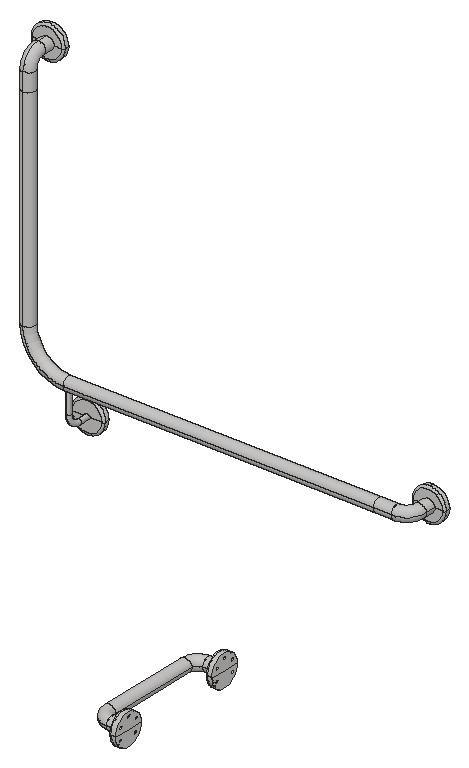
Revit family "RBA4090-301", category Plumbing Fixtures, Revit 2021
Family settings
  Round Connector Dimension = Use Diameter
  Part Type = Normal
  Work Plane-Based = No
  Always vertical = No
  Cut with Voids When Loaded = No
  Shared = No
  Room Calculation Point = No
Parameters (values of type "RBA4090-301")
  Watermarked By = "www.rba.com.au"
  URL = "http://www.rba.com.au/accessible-disabled/grab-rails"
  Phone Number = "1300 788 778"
  OFFSET = 800.00 mm
  Modified Issue = "20190806.01"
  Model = "RBA4090-301"
  Materials and Finishes = Stainless Steel, Satin Finish
  Manufacturer Model = ""
  Manufacturer = "RBA Group"
  Distance Away from Wall [instance] = 100.00 mm
  Distance Away from Toilet [instance] = 1090.00 mm
  Description = "90° WC Grab Rail Set - Right Hand, 300 Straight"
  Default Elevation = 0.00 mm
  Copyrighted by = "RBA Group"  # constant formula
  Assembly Code = ""
Reference planes
  plane 1 "Center (Front/Back)": y = 0
  plane 2: z = 0
  plane 3: x = 40.5
  plane 4: z = 800
  plane 5: x = 1090.5
  plane 6: x = 990.5
  plane 7: x = 140.5
  plane 8: z = 700
  plane 9: z = 1500
  plane 10: y = -89
  plane 11: y = -57
  plane 12: y = -1074
  plane 13: y = -1090
  plane 14: x = 1033.5
  plane 15: x = 1001.5
  plane 16: z = 816
  plane 17: x = 56.5
Dimensions and locks
  "OFFSET": plane 4 to plane 2
  plane 11 to plane 1 "Center (Front/Back)" = 57.00 mm
  plane 10 to plane 1 "Center (Front/Back)" = 89.00 mm
  "Distance Away from Wall": plane 6 to plane 5
  locked: plane 12 to plane 13 at 16
  "Distance Away from Toilet": plane 13 to plane 1 "Center (Front/Back)"
  aligned and locked: plane 3 to nested 1
  aligned and locked: plane 4 to nested 1
  aligned and locked: nested 2 to plane 5
  aligned and locked: plane 12 to nested 2
  aligned and locked: plane 4 to nested 2
Nested families
  nested 1: "RBA4090-911" at (950, 0, 800), type "RBA4090-911"
  nested 2: "RBA4000-000" at (1090.5, -2152, 800) x (0, 1, 0) z (0, 0, -1), type "RBA4000-030"
Definition of nested family "RBA4090-911"
  Parameters (values of type "RBA4090-911")
    Watermarked By = "www.rba.com.au"
    URL = "http://www.rba.com.au/accessible-disabled/grab-rails"
    R_Void [instance] = 15.00 mm
    R [instance] = 0.00 mm
    Phone Number = "1300 788 778"
    Model = "RBA4090-911"
    Manufacturer Model = "B819435"
    Manufacturer = "Bobrick"
    Description = "90° Angled Grab Rail"
    Default Elevation = 0.00 mm
    Copyrighted by = "RBA Group"  # constant formula
    BAR = none
    Assembly Code = ""
  Reference planes
    plane 1 "Center (Front/Back)": y = 0
    plane 2: z = 0
    plane 3: x = 40.5
    plane 4: z = 670
    plane 5: z = 730
    plane 6: x = -879.5
    plane 7: x = -939.5
    plane 8: z = 700
    plane 9: z = -100
    plane 10: x = 40.5
    plane 11: z = 670
    plane 12: z = 730
    plane 13: x = -939.5
    plane 14: x = -879.5
    plane 15: z = -130
    plane 16: z = -70
    plane 17: x = -839.5
    plane 18: x = -779.5
    plane 19: z = -100
    plane 20: x = -909.5
    plane 21: x = -809.5
    plane 22: z = 700
    plane 23: z = -30
    plane 24: z = 30
    plane 25: x = 70.5
    plane 26: x = 10.5
    plane 27: z = -30
    plane 28: z = 30
    plane 29: x = 10.5
    plane 30: x = 70.5
    plane 31: z = 16
    plane 32: x = -893.5
  Forms (mm)
    Extrusion 1, solid
      sketch origin (-909.5, -2.628, 1015.907) x (0, 0, -1) y (-1, 0, 0)
        loop
          circle (315.907, 0) r 40
      from -0.219 to 2.628
    Revolve 2, solid
      sketch origin (40.5, 18.663, 0) x (0, -1, 0) y (1, 0, 0)
        loop
          line (18.663, 0) -> (18.663, -41.5) -> (27.844, -41.5)
          arc (27.844, -41.5) -> (31.337, -40.077) -> (32.842, -36.617) r 5
          line (32.842, -36.617) -> (33.701, 0) -> (18.663, 0)
        axis (18.663, 0) -> (33.701, 0)
      angle from 0 to 360
    Extrusion 3, void
      sketch origin (-909.5, 34.941, 1015.907) x (0, 0, -1) y (-1, 0, 0)
        loop
          circle (315.907, -30) r 5
        loop
          circle (315.907, 30) r 5
      from -37.788 to -30
    Extrusion 4, solid
      sketch origin (-909.5, -2.628, 1015.907) x (0, 0, -1) y (-1, 0, 0)
        loop
          circle (315.907, 0) r 40
      from -0.219 to 2.628
    Extrusion 5, void
      sketch origin (-909.5, 34.941, 1015.907) x (0, 0, -1) y (-1, 0, 0)
        loop
          circle (315.907, 30) r 5
        loop
          circle (315.907, -30) r 5
      from -37.788 to -30
    Sweep 6, solid
      path origin (40.5, 9.454, 0) x (0, -1, 0) y (1, 0, 0)
        loop
          line (12.302, 0) -> (50.454, 0)
          arc (50.454, 0) -> (73.082, -9.373) -> (82.454, -32) r 32
          line (82.454, -32) -> (82.454, -76)
      profile origin (40.5, -21.924, 0) x (1, 0, 0) y (0, 0, 1)
        loop
          circle (0, 0) r 16
    Extrusion 7, solid
      sketch origin (-909.5, -2.628, 1015.907) x (0, 0, -1) y (-1, 0, 0)
        loop
          circle (315.907, 0) r 40
      from -0.219 to 2.628
    Sweep 8, solid
      path origin (-1609.5, 9.454, 700) x (0, -1, 0) y (0, 0, -1)
        loop
          line (12.302, 0) -> (50.454, 0)
          arc (50.454, 0) -> (73.082, 9.373) -> (82.454, 32) r 32
          line (82.454, 32) -> (82.454, 76)
      profile origin (-1609.5, -21.924, 700) x (0, 0, -1) y (1, 0, 0)
        loop
          circle (0, 700) r 16
    Revolve 9, solid
      sketch origin (-909.5, 18.663, 700) x (0, -1, 0) y (1, 0, 0)
        loop
          line (18.663, 0) -> (18.663, -41.5) -> (27.844, -41.5)
          arc (27.844, -41.5) -> (31.337, -40.077) -> (32.842, -36.617) r 5
          line (32.842, -36.617) -> (33.701, 0) -> (18.663, 0)
        axis (18.663, 0) -> (33.701, 0)
      angle from 0 to 360
    Sweep 10, solid
      path origin (81, 0, 0) x (-1, 0, 0) y (0, 0, 1)
        loop
          line (116.5, 0) -> (890.5, 0)
          arc (890.5, 0) -> (961.211, 29.289) -> (990.5, 100) r 100
          line (990.5, 100) -> (990.5, 624)
      profile origin (-422.5, 0, 0) x (0, 0, -1) y (0, -1, 0)
        loop
          circle (0, 73) r 16
    Extrusion 11, solid
      sketch origin (-809.5, -2.628, 215.907) x (0, 0, -1) y (-1, 0, 0)
        loop
          circle (315.907, 0) r 40
      from -0.219 to 2.628
    Revolve 12, solid
      sketch origin (-809.5, 18.663, -100) x (0, -1, 0) y (1, 0, 0)
        loop
          line (18.663, 0) -> (33.701, 0) -> (32.842, 36.617)
          arc (32.842, 36.617) -> (31.337, 40.077) -> (27.844, 41.5) r 5
          line (27.844, 41.5) -> (18.663, 41.5) -> (18.663, 0)
        axis (18.663, 0) -> (33.701, 0)
      angle from 0 to 360
    Sweep 13, solid
      path origin (-809.5, 9.454, -100) x (0, -1, 0) y (0, 0, 1)
        loop
          line (12.302, 0) -> (50.454, 0)
          arc (50.454, 0) -> (73.082, 9.373) -> (82.454, 32) r 32
          line (82.454, 32) -> (82.454, 100)
      profile origin (-809.5, -21.924, -100) x (0, 0, 1) y (-1, 0, 0)
        loop
          circle (0, 0) r 6
    Extrusion 14, void
      sketch origin (-809.5, 34.941, 215.907) x (0, 0, -1) y (-1, 0, 0)
        loop
          circle (315.907, 30) r 5
        loop
          circle (315.907, -30) r 5
      from -37.788 to -30
    Extrusion 15, solid
      sketch origin (40.5, -2.628, 315.907) x (0, 0, -1) y (-1, 0, 0)
        loop
          circle (315.907, 0) r 40
      from -0.219 to 2.628
    Extrusion 16, void
      sketch origin (40.5, 34.941, 315.907) x (0, 0, -1) y (-1, 0, 0)
        loop
          circle (315.907, -30) r 5
        loop
          circle (315.907, 30) r 5
      from -37.788 to -34.941
    Extrusion 17, solid
      sketch origin (40.5, -2.628, 315.907) x (0, 0, -1) y (-1, 0, 0)
        loop
          circle (315.907, 0) r 40
      from -0.219 to 2.628
    Extrusion 18, void
      sketch origin (40.5, 34.941, 315.907) x (0, 0, -1) y (-1, 0, 0)
        loop
          circle (315.907, 30) r 5
        loop
          circle (315.907, -30) r 5
      from -37.788 to -34.941
    Extrusion 19, solid
      sketch origin (40.5, -2.628, 315.907) x (0, 0, -1) y (-1, 0, 0)
        loop
          circle (315.907, 0) r 40
      from -0.219 to 2.628
  Cuts and joins
    Extrusion 3, Extrusion 5, Extrusion 16, Extrusion 18 cuts Extrusion 1
    Extrusion 5, Extrusion 16, Extrusion 18 cuts Extrusion 4
    Extrusion 3, Extrusion 5, Extrusion 18 cuts Revolve 2
    Extrusion 5, Extrusion 16 cuts Revolve 9
    Extrusion 14 cuts Revolve 12
    joined: Revolve 2, Sweep 6, Sweep 8, Revolve 9, Sweep 10, Revolve 12, Sweep 13
    Extrusion 14 cuts Extrusion 11
    Extrusion 5, Extrusion 16 cuts Extrusion 7
    Extrusion 16 cuts Extrusion 15
    Extrusion 16 cuts Extrusion 17
    Extrusion 16, Extrusion 18 cuts Extrusion 19
  Dimensions and locks
    Revolve 2 sketch curve to Revolve 2 sketch curve = 41.50 mm
    plane 5 to plane 4 to level = 60.00 mm, 670.00 mm
    plane 7 to plane 6 = 60.00 mm
    plane 12 to plane 11 = 60.00 mm
    plane 13 to plane 14 = 60.00 mm
    Revolve 9 sketch curve to Revolve 9 sketch curve = 41.50 mm
    Revolve 12 sketch curve to Revolve 12 sketch curve = 41.50 mm
    plane 16 to plane 15 = 60.00 mm
    plane 17 to plane 18 = 60.00 mm
    plane 22 to plane 2 = 700.00 mm
    plane 10 to plane 20 = 950.00 mm
    plane 21 to plane 20 = 100.00 mm
    plane 2 to plane 19 = 100.00 mm
    plane 24 to plane 23 = 60.00 mm
    plane 26 to plane 25 = 60.00 mm
    plane 28 to plane 27 = 60.00 mm
    plane 29 to plane 30 = 60.00 mm
    radius of Extrusion 1 sketch curve = 40.00 mm
    radius of Extrusion 4 sketch curve = 40.00 mm
    radius of Sweep 6 sketch curve = 16.00 mm
    radius of Extrusion 7 sketch curve = 40.00 mm
    radius of Sweep 8 sketch curve = 16.00 mm
    radius of Extrusion 11 sketch curve = 40.00 mm
    radius of Sweep 13 sketch curve = 6.00 mm
    radius of Extrusion 15 sketch curve = 40.00 mm
    radius of Extrusion 17 sketch curve = 40.00 mm
    radius of Extrusion 19 sketch curve = 40.00 mm
    aligned and locked: Extrusion 1 to Revolve 2
    aligned and locked: Revolve 12 to Extrusion 11
Definition of nested family "RBA4000-000"
  Parameters (values of type "RBA4000-030")
    Watermarked By = "www.rba.com.au"
    URL = "http://www.rba.com.au/accessible-disabled/grab-rails"
    Length of Rail = 300.00 mm
    Phone Number = "1300 788 778"
    Model = "RBA4110-923"
    Manufacturer = "RBA GROUP"
    Description = "90deg Angled Shower Grab Rail"
    Default Elevation = 1219.20 mm
    Copyrighted By = "RBA Group"  # constant formula
    BAR = none
    Assembly Code = ""
  Reference planes
    plane 1 "Center (Front/Back)": y = 0
    plane 2: x = 1078
    plane 3: x = 1378
    plane 4: z = 0
    plane 5: through (1334.776, 25.441, -51.059) normal (-0.515, 0, 0.8572)
    plane 6: through (1450.22, 25.441, 99.629) normal (0.8572, 0, 0.515)
    plane 7: through (1403.075, 25.441, 71.301) normal (0.8572, 0, 0.515)
    plane 8: y = -89
    plane 9: y = -57
  Forms (mm)
    Sweep 1, solid
      path origin (1651.954, -750, 0) x (-1, 0, 0) y (0, -1, 0)
        loop
          line (573.954, -740) -> (573.954, -709)
          arc (573.954, -709) -> (564.582, -686.373) -> (541.954, -677) r 32
          line (541.954, -677) -> (305.954, -677)
          arc (305.954, -677) -> (283.327, -686.373) -> (273.954, -709) r 32
          line (273.954, -709) -> (273.954, -740)
      profile origin (1228, -73, 0) x (0, 1, 0) y (0, 0, 1)
        loop
          circle (0, 0) r 16
    Extrusion 2, solid
      sketch origin (640.5, -2.628, 315.907) x (0, 0, -1) y (-1, 0, 0)
        loop
          circle (315.907, -437.5) r 37.5
      from -7.372 to 2.628
    Extrusion 3, void
      sketch origin (215.296, 34.941, 270.785) x (0.515038, 0, -0.857167) y (-0.857167, 0, -0.515038)
        loop
          circle (674.422, -627.443) r 5
        loop
          circle (676.434, -572.517) r 5
      from -46.533 to -34.941
    Extrusion 4, solid
      sketch origin (1315.5, -2.628, 315.907) x (0, 0, -1) y (-1, 0, 0)
        loop
          circle (315.907, -62.5) r 37.5
      from -7.372 to 2.628
    Revolve 5, solid
      sketch origin (1315.5, 18.663, 0) x (0, -1, 0) y (1, 0, 0)
        loop
          line (18.663, 62.5) -> (36.046, 62.5) -> (35.246, 96.617)
          arc (35.246, 96.617) -> (33.742, 100.077) -> (30.248, 101.5) r 5
          line (30.248, 101.5) -> (18.663, 101.5) -> (18.663, 62.5)
        axis (18.663, 62.5) -> (36.046, 62.5)
      angle from 0 to 360
    Extrusion 6, void
      sketch origin (1315.296, 34.941, 270.785) x (0.515038, 0, -0.857167) y (-0.857167, 0, -0.515038)
        loop
          circle (264.403, 58.217) r 5
        loop
          circle (264.403, 113.217) r 5
      from -44.941 to -34.941
    Extrusion 7, void
      sketch origin (978, 0, 1415.907) x (0, 0, 1) y (-1, 0, 0)
        loop
          circle (-1430.457, -424.215) r 5
        loop
          circle (-1401.357, -375.785) r 5
        loop
          circle (-1444.157, -400) r 5
      from 0 to 5
    Extrusion 8, void
      sketch origin (815.5, 0, 1415.907) x (0, 0, 1) y (-1, 0, 0)
        loop
          circle (-1430.457, -286.715) r 5
        loop
          circle (-1444.157, -262.5) r 5
        loop
          circle (-1401.357, -238.285) r 5
      from 0 to 5
    Revolve 9, solid
      sketch origin (1140.5, 18.663, 0) x (0, -1, 0) y (1, 0, 0)
        loop
          line (18.663, -62.5) -> (18.663, -101.5) -> (30.248, -101.5)
          arc (30.248, -101.5) -> (33.742, -100.077) -> (35.246, -96.617) r 5
          line (35.246, -96.617) -> (36.046, -62.5) -> (18.663, -62.5)
        axis (18.663, -62.5) -> (36.046, -62.5)
      angle from 0 to 360
  Cuts and joins
    Extrusion 3, Extrusion 8 cuts Extrusion 2
    Extrusion 6, Extrusion 7 cuts Extrusion 4
    Extrusion 6, Extrusion 7 cuts Revolve 5
    Extrusion 3, Extrusion 8 cuts Revolve 9
    joined: Sweep 1, Revolve 5, Revolve 9
  Dimensions and locks
    locked: Revolve 5 sketch curve to Revolve 5 sketch curve at 39
    plane 7 to plane 6 = 55.00 mm
    locked: plane 3 to Extrusion 4 sketch curve
    locked: Extrusion 4 sketch curve to plane 4
    locked: Extrusion 7 sketch curve to plane 3 at 24.215
    locked: Extrusion 7 sketch curve to plane 4 at 14.55
    locked: plane 3 to Extrusion 6 sketch curve at 23.572
    locked: Extrusion 6 sketch curve to plane 4 at 14.164
    plane 1 "Center (Front/Back)" to Revolve 5 sketch curve = 17.383 mm
    locked: Extrusion 2 sketch curve to plane 2
    locked: Extrusion 2 sketch curve to plane 4 at 0
    locked: plane 2 to Extrusion 8 sketch curve at 24.215
    locked: plane 4 to Extrusion 8 sketch curve at 14.55
    locked: Extrusion 7 sketch curve to plane 3 at 0
    locked: plane 3 to Extrusion 7 sketch curve at 24.215
    locked: Extrusion 7 sketch curve to plane 4 at 28.25
    locked: plane 4 to Extrusion 7 sketch curve at 14.55
    locked: plane 4 to Extrusion 6 sketch curve at 14.164
    locked: Extrusion 6 sketch curve to plane 3 at 23.572
    locked: Revolve 5 sketch curve to plane 3 at 34.117
    plane 1 "Center (Front/Back)" to Revolve 5 sketch curve = 16.583 mm
    locked: plane 1 "Center (Front/Back)" to cut or joined group of Sweep 1, Extrusion 3, Revolve 5, Extrusion 6, Extrusion 7, Extrusion 8, Revolve 9 at 0
    locked: plane 1 "Center (Front/Back)" to plane 9 at 57
    locked: plane 1 "Center (Front/Back)" to plane 8 at 89
    locked: level to Sweep 1 sketch curve at 0
    equal spacing: plane 9, profile plane, plane 8
    equal spacing: plane 8, Sweep 1 sketch curve, plane 9
    "Length of Rail": plane 3 to plane 2
    locked: Revolve 9 sketch curve to Revolve 9 sketch curve at 39
    radius of Sweep 1 sketch curve = 16.00 mm
    aligned and locked: Extrusion 4 to Revolve 5
    aligned and locked: Extrusion 2 to Extrusion 3
    aligned and locked: Extrusion 4 to Extrusion 6
    aligned and locked: plane 3 to Sweep 1 sketch curve
    aligned and locked: cut or joined group of Extrusion 4, Extrusion 6, Extrusion 7 to Sweep 1 sketch curve
  Automatic sketch dimensions
    Sweep 1 sketch curve to plane 2 = 0.00 mm
    Sweep 1 sketch curve to plane 9 = 16.00 mm
    plane 2 to Sweep 1 sketch curve = 32.00 mm
    plane 1 "Center (Front/Back)" to Sweep 1 sketch curve = 10.00 mm
    Sweep 1 sketch curve to profile plane = 0.00 mm
    level to Extrusion 3 sketch curve = 15.85 mm
    plane 2 to Extrusion 3 sketch curve = 22.473 mm
    Extrusion 3 sketch curve to Extrusion 3 sketch curve = 2.012 mm
    Extrusion 3 sketch curve to Extrusion 3 sketch curve = 54.926 mm
    Revolve 5 sketch curve to plane 3 = 0.00 mm  (x2)
    plane 1 "Center (Front/Back)" to Revolve 5 sketch curve = 0.00 mm
    Revolve 5 sketch curve to Revolve 5 sketch curve = 4.999 mm
    Revolve 5 sketch curve to plane 1 "Center (Front/Back)" = 21.537 mm
    Revolve 5 sketch curve to plane 9 = 13.537 mm
    Extrusion 8 sketch curve to plane 2 = 0.00 mm
    Extrusion 8 sketch curve to level = 14.55 mm
    Extrusion 8 sketch curve to Extrusion 8 sketch curve = 13.70 mm
    plane 2 to Extrusion 8 sketch curve = 24.215 mm
    plane 1 "Center (Front/Back)" to Revolve 9 sketch curve = 0.00 mm
    plane 1 "Center (Front/Back)" to Revolve 9 sketch curve = 11.585 mm
    Revolve 9 sketch curve to Revolve 9 sketch curve = 4.999 mm
    plane 2 to Revolve 9 sketch curve = 0.00 mm
    Revolve 9 sketch curve to Revolve 9 sketch curve = 17.383 mm
    Revolve 9 sketch curve to plane 2 = 34.00 mm
    Revolve 9 sketch curve to Revolve 9 sketch curve = 0.117 mm
    Revolve 9 sketch curve to plane 1 "Center (Front/Back)" = 21.537 mm
    Revolve 9 sketch curve to plane 9 = 13.537 mm
    radius of Extrusion 2 sketch curve = 37.50 mm
    radius of Extrusion 3 sketch curve = 5.00 mm  (x2)
    radius of Extrusion 4 sketch curve = 37.50 mm
    radius of Extrusion 6 sketch curve = 5.00 mm  (x2)
    radius of Extrusion 7 sketch curve = 5.00 mm  (x3)
    radius of Extrusion 8 sketch curve = 5.00 mm  (x3)
  Nested families
    nested 1: "FamilyID" at (1.5, 0, 0), type "FamilyID"
  Definition of nested family "FamilyID"
    Reference planes
      plane 1: y = 0
      plane 2: x = 0
    Text (mm)
      text "RBA COPYRIGHT" at (0.001, 0.001, 0)
